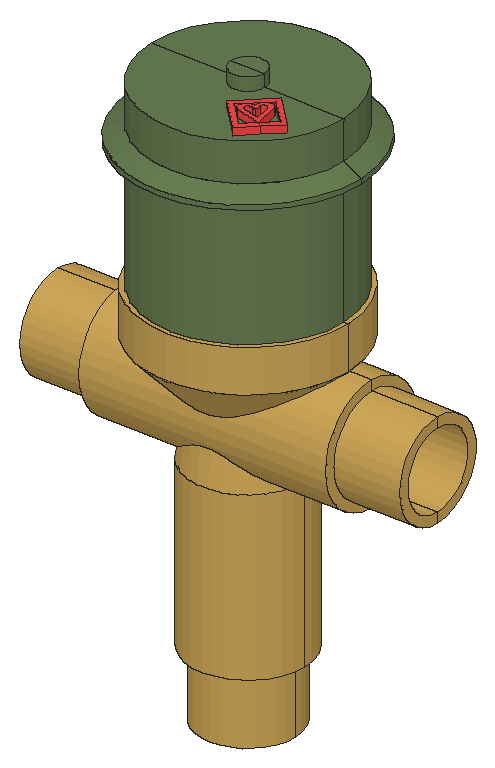
Revit family "Смесительный клапан системы водоснабжения 7766 54", category Rohrzubehör, Revit 2019
Family settings
  Bemaßung runder Anschluss = Durchmesser verwenden
  Teiletyp = Unterbricht
  OmniClass-Nummer = 23.65.55.14
  OmniClass-Titel = Valves for Liquid Services
  Arbeitsebenenbasiert = Nein
  Immer vertikal = Ja
  Beim Laden mit Abzugskörper schneiden = Nein
  Gemeinsam genutzt = Nein
Parameters
  Шпиндель = "латунь, устойчивая к селективной цинковой коррозии, CW626N"  # constant formula
  Уплотнение = "EPDM"  # constant formula
  Среда = "Питьевая вода"  # constant formula
  Пружина = "нержавеющая сталь 1.4310"  # constant formula
  Примечание = "В соответствии со статьей 33 Регламента REACH (Registration; Evaluation; Authorisation; Restriction of Chemicals) (EC № 1907/2006) мы обязаны указать, что свинец внесен в список SVHC (Substances of Very High Concern - вещества очень высокой важности) и весовой процент свинца во всех латунных компонентах заводского изготовления в наших изделиях, превышает 0,1 % (w/w) (CAS: 7439-92-1 / EINECS: 231-100-4).\r\nПоскольку свинец является легирующим компонентом сплава, прямое негативное влияние исключается, и поэтому дополнительной информации о безопасном использовании не требуется."
  Номер заказа = 2776654  # constant formula
  Маховик = "ABS"  # constant formula
  Корпус = "латунь, устойчивая к селективной цинковой коррозии, CC770S"  # constant formula
  Температурная стабильность на выходе = "+-2°C"  # constant formula
  Мин. превышение температуры горячей воды над температурой воды в смесителе = 15 °C  # constant formula
  Мин. расход = 0.07 L/s  # constant formula
  Мин. рабочая температура (холодная вода) = "5 °C - 25 °C"  # constant formula
  Макс. рабочая температура (горячая вода) = 85 °C  # constant formula
  Макс. рабочее давление (динамическое) = "0.2 - 6 bar"  # constant formula
  Указания по техническому обслуживанию = "• Рекомендуется проведение проверки не реже одного раза в год.\r\n   При использовании воды плохого или неизвестного качества проверки следует проводить чаще.\r\n• Проверки температуры воды на выходе должны выполняться точно таким же способом, как и при первичной установке; значение этой температуры не должно отличаться от заданной температуры более, чем на + / - 2 °С.\r\n• Обратные клапаны легко доступны для чистки.\r\n   Рекомендуется использовать плоскогубцы с удлиненными губками для того, чтобы избежать повреждений обратного клапана при его извлечении.\r\n• Помимо снятия маховика и очистки обратного клапана дальнейший демонтаж клапана для технического обслуживания не требуется."
  URL = "www.herz-armaturen.ru"
  Диапазон установки = "35 °C - 50 °C"  # constant formula
  Указания по безопасности = "Cмесительный клапан для систем питьевого водоснабжения выполняет функцию защитaы от ожога.\r\nЕго рекомендуется заменять каждые 5 лет.\r\nМестные стандарты и правила должны соблюдаться."
  SCTWSEQ = "AW;SBT_TYP_AW=\"104\";3"
  SCTWCODE = "04;18;03"  # constant formula
  S02 = H07 - H01 - H05  # 38.4 mm
  S01 = H00 - H01  # 61 mm
  R07 = 3.5 mm  # constant formula
  R06 = 24 mm  # constant formula
  R05 = 20.3 mm  # constant formula
  R04 = 24 mm  # constant formula
  R03 = R02 + 2 mm  # 12 mm
  R02 = Nennweite / 2  # 10 mm
  R01 = 8 mm  # constant formula
  Nennweite = 20 mm  # constant formula
  Температура смешения (заводская настройка) = 45 °C  # constant formula
  LO1 = H07 - H05  # 59.4 mm
  L02 = 21.3 mm  # constant formula
  L01 = 12 mm  # constant formula
  L00 = 40 mm  # constant formula
  Внутренние части = "латунь, устойчивая к селективной цинковой коррозии, CW626N"  # constant formula
  Hersteller = "HERZ Armaturen Ges.m.b.H."  # constant formula
  H08 = 8 mm  # constant formula
  H07 = 62 mm  # constant formula
  H06 = 25.4 mm  # constant formula
  H05 = 2.6 mm  # constant formula
  H04 = 35 mm  # constant formula
  H03 = 14 mm  # constant formula
  H02 = 9 mm  # constant formula
  H01 = 21 mm  # constant formula
  H00 = 82 mm  # constant formula
  Принцип работы = "Термостатический смесительный клапан 7766 TMV применяется в системах с теплой питьевой водой.\r\nНезависимо от изменений давления или температуры холодной и горячей воды, смешиваемой в клапане, смешанная вода постоянно регулируется до заданной температуры и расхода.\r\nТермостатический клапан работает независимо и без дополнительной энергии.\r\nПосле монтажа предварительно настроенное значение желаемой температуры смешивания поддерживается постоянным в пределах гистерезиса регулирования."
  Расход при давлении 3 бар = 0.7 L/s  # constant formula
  Рабочее давление (статическое) = 1000000.0 Pa  # constant formula
  Резьба для подключения = "плоское уплотнение, G 3/4"  # constant formula
Reference planes
  plane 1 "Mitte (Vorne/hinten)": y = 0
  plane 2: z = 0
  plane 3 "Mitte (Links/rechts)": x = 0
Forms (mm)
  Revolve 1, solid, material "Kunststoff GRÜN", detail levels fine
    sketch origin (-2.352, 0, -141.797) x (1, 0, 0) y (0, 0, 1)
      loop
        line (-1.148, 201.197) -> (-17.948, 201.197) -> (-17.948, 193.197) -> (-21.648, 191.197) -> (-21.648, 190.197) -> (-17.948, 188.197) -> (-17.948, 162.797) -> (2.352, 162.797) -> (2.352, 203.797) -> (-1.148, 203.797) -> (-1.148, 201.197)
      axis (2.352, 203.797) -> (2.352, 162.797)
    angle from 0 to 360
  Revolve 2, solid, material "Messing, weicher Gelbton, geschweißt", detail levels fine
    sketch origin (101.455, 0, 0) x (1, 0, 0) y (0, 0, 1)
      loop
        line (-101.455, -49) -> (-101.455, 21) -> (-122.755, 21) -> (-122.755, 12) -> (-111.455, 0) -> (-113.455, -12) -> (-113.455, -47) -> (-111.455, -47) -> (-111.455, -61) -> (-109.455, -61) -> (-109.455, -49) -> (-101.455, -49)
      axis (-101.455, 21) -> (-101.455, -61)
    angle from 0 to 360
  Revolve 3, solid, material "Messing, weicher Gelbton, geschweißt", detail levels fine
    sketch origin (-28, 0, 0) x (1, 0, 0) y (0, 0, 1)
      loop
        line (56, 8) -> (68, 8) -> (68, 10) -> (54, 10) -> (54, 12) -> (2, 12) -> (2, 10) -> (-12, 10) -> (-12, 8) -> (0, 8) -> (0, 0) -> (56, 0) -> (56, 8)
      axis (-12, 0) -> (68, 0)
    angle from 0 to 360
Lines and regions (mm)
  model lines, detail levels coarse+medium
    curve 1: line (-40, 0, 10) -> (-40, 0, -10)
    curve 2: line (-40, 0, -10) -> (40, 0, 10)
    curve 3: line (40, 0, 10) -> (40, 0, -10)
    curve 4: line (40, 0, -10) -> (-40, 0, 10)
    curve 5: line (0, 0, 0) -> (10, 0, -61)
    curve 6: line (10, 0, -61) -> (-10, 0, -61)
    curve 7: line (-10, 0, -61) -> (0, 0, 0)
    curve 8: line (0, 0, 0) -> (0, 0, 21)
    curve 9: line (-20.3, 0, 21) -> (20.3, 0, 21)
    curve 10: line (20.3, 0, 21) -> (20.3, 0, 59.4)
    curve 11: line (20.3, 0, 59.4) -> (-20.3, 0, 59.4)
    curve 12: line (-20.3, 0, 59.4) -> (-20.3, 0, 21)
    curve 13: line (20.3, 0, 59.4) -> (-20.3, 0, 21)
    curve 14: line (-20.3, 0, 59.4) -> (20.3, 0, 21)
    curve 15: line (-40, 10, 0) -> (-40, -10, 0)
    curve 16: line (-40, -10, 0) -> (40, 10, 0)
    curve 17: line (40, 10, 0) -> (40, -10, 0)
    curve 18: line (40, -10, 0) -> (-40, 10, 0)
    curve 19: line (0, 0, 0) -> (-10, -61, 0)
    curve 20: line (-10, -61, 0) -> (10, -61, 0)
    curve 21: line (10, -61, 0) -> (0, 0, 0)
    curve 22: line (0, 0, 0) -> (0, 21, 0)
    curve 23: line (-20.3, 21, 0) -> (20.3, 21, 0)
    curve 24: line (20.3, 21, 0) -> (20.3, 59.4, 0)
    curve 25: line (20.3, 59.4, 0) -> (-20.3, 59.4, 0)
    curve 26: line (-20.3, 59.4, 0) -> (-20.3, 21, 0)
    curve 27: line (20.3, 59.4, 0) -> (-20.3, 21, 0)
    curve 28: line (-20.3, 59.4, 0) -> (20.3, 21, 0)
Dimensions and locks
  "L00": Revolve 3 sketch curve to plane 3 "Mitte (Links/rechts)" to Revolve 3 sketch curve
  "L01": Revolve 3 sketch curve to Revolve 3 sketch curve  (x2)
  "R01": Revolve 3 sketch curve to Revolve 3 sketch curve  (x2)
  "R02": Revolve 3 sketch curve to Revolve 3 sketch curve
  "L02": Revolve 2 sketch curve to Revolve 2 sketch curve
  "H02": Revolve 2 sketch curve to Revolve 2 sketch curve
  "R02": Revolve 2 sketch curve to Revolve 2 sketch curve  (x2)
  "H01": Revolve 2 sketch curve to plane 2
  "H00": Revolve 2 sketch curve to Revolve 2 sketch curve
  "H03": Revolve 2 sketch curve to Revolve 2 sketch curve
  "R03": Revolve 2 sketch curve to Revolve 2 sketch curve
  "H04": Revolve 2 sketch curve to Revolve 2 sketch curve
  "R01": Revolve 2 sketch curve to Revolve 2 sketch curve
  "L01": Revolve 2 sketch curve to Revolve 2 sketch curve
  "H03": Revolve 3 sketch curve to Revolve 3 sketch curve  (x2)
  "R03": Revolve 3 sketch curve to Revolve 3 sketch curve
  "R05": Revolve 1 sketch curve to Revolve 1 sketch curve  (x2)
  "H07": Revolve 1 sketch curve to plane 2
  "H05": Revolve 1 sketch curve to Revolve 1 sketch curve
  "H06": Revolve 1 sketch curve to Revolve 1 sketch curve
  "H08": Revolve 1 sketch curve to Revolve 1 sketch curve
  "R06": Revolve 1 sketch curve to Revolve 1 sketch curve
  "R07": Revolve 1 sketch curve to Revolve 1 sketch curve
  "R02": curve 4 to plane 2 to curve 2
  "R02": curve 3 to plane 2 to curve 4
  "L00": curve 1 to plane 3 "Mitte (Links/rechts)" to curve 3
  "R02": curve 6 to plane 3 "Mitte (Links/rechts)" to curve 7
  "S01": plane 2 to curve 6
  "H01": curve 8 to plane 2
  "S02": curve 11 to Revolve 1
  "R05": curve 12 to plane 3 "Mitte (Links/rechts)" to curve 10
  "L00": curve 15 to plane 3 "Mitte (Links/rechts)" to curve 17
  "R02": curve 16 to plane 1 "Mitte (Vorne/hinten)" to curve 18
  "R02": curve 18 to plane 1 "Mitte (Vorne/hinten)" to curve 17
  "R02": curve 20 to plane 3 "Mitte (Links/rechts)" to curve 21
  "S01": curve 20 to plane 1 "Mitte (Vorne/hinten)"
  "H01": plane 1 "Mitte (Vorne/hinten)" to curve 22
  "S02": curve 23 to curve 25
  "R05": curve 26 to plane 3 "Mitte (Links/rechts)" to curve 24
  "LO1": nested 1 to plane 2
  aligned and locked: level to plane 2
Automatic sketch dimensions
  curve 5 to level = 0 mm
  curve 8 to level = 0 mm
  plane 1 "Mitte (Vorne/hinten)" to curve 19 = 0 mm
  plane 1 "Mitte (Vorne/hinten)" to curve 22 = 0 mm
  Revolve 1 sketch curve to plane 3 "Mitte (Links/rechts)" = 0 mm  (x2)
  Revolve 1 sketch curve to Revolve 1 sketch curve = 2 mm  (x2)
  Revolve 1 sketch curve to Revolve 1 sketch curve = 1 mm
  Revolve 1 sketch curve to level = 366.045 mm
  Revolve 1 sketch curve to Revolve 1 sketch curve = 2152.315 mm
  Revolve 2 sketch curve to level = 0 mm
  Revolve 2 sketch curve to plane 3 "Mitte (Links/rechts)" = 0 mm  (x2)
  Revolve 2 sketch curve to Revolve 2 sketch curve = 0 mm
  Revolve 2 sketch curve to Revolve 2 sketch curve = 2193.315 mm
  Revolve 3 sketch curve to level = 0 mm  (x2)
  Revolve 3 sketch curve to Revolve 3 sketch curve = 2 mm
  Revolve 3 sketch curve to Revolve 3 sketch curve = 0 mm  (x2)
Nested families
  nested 1: "Herz-Logo" at (9.58, -9.58, 59.4) x (0.7071, 0.7071, 0) z (0, 0, 1), type "Herz-Logo", detail levels fine
Connectors
  piping at (-40, 0, 0), diameter 20, driven by "Nennweite"
    settings: on Revolve 3, index 1, connector inside diameter 609.6 mm, connector length 0 mm, flow factor 0, pipe flow 0.0 L/s, pressure drop 0.0 Pa, fitting loss kfactor 0, connector angle 0.00°, fixture units 0, engagement length 0 mm, angle of deflection 0.00°, flow configuration 0, flow direction 1, fitting loss method 0, system type 20, joint type 0, gender type 0, connector reference index -1, connector utility 0, adjustable connector no, is connector primary yes, connector description ""
  piping at (40, 0, 0), diameter 20, driven by "Nennweite"
    settings: on Revolve 3, index 2, connector inside diameter 609.6 mm, connector length 0 mm, flow factor 0, pipe flow 0.0 L/s, pressure drop 0.0 Pa, fitting loss kfactor 0, connector angle 0.00°, fixture units 0, engagement length 0 mm, angle of deflection 0.00°, flow configuration 0, flow direction 1, fitting loss method 0, system type 19, joint type 0, gender type 0, connector reference index -1, connector utility 0, adjustable connector no, is connector primary no, connector description ""
  piping at (0, 0, -61), diameter 20, driven by "Nennweite"
    settings: on Revolve 2, index 3, connector inside diameter 609.6 mm, connector length 0 mm, flow factor 0, pipe flow 0.0 L/s, pressure drop 0.0 Pa, fitting loss kfactor 0, connector angle 0.00°, fixture units 0, engagement length 0 mm, angle of deflection 0.00°, flow configuration 0, flow direction 2, fitting loss method 0, system type 29, joint type 0, gender type 0, connector reference index -1, connector utility 0, adjustable connector no, is connector primary no, connector description ""
Definition of nested family "Herz-Logo"
  Reference planes
    plane 1 "Mitte (Vorne/hinten)": y = 0
    plane 2: z = 0
    plane 3 "Mitte (Links/rechts)": x = 0
  Forms (mm)
    Extrusion 1, solid
      sketch origin (0, 0, 0) x (1, 0, 0) y (0, 1, 0)
        loop
          line (-0.018, -4.517) -> (4.482, -4.517) -> (4.482, 4.483) -> (-4.518, 4.483) -> (-4.518, -4.517) -> (-0.018, -4.517)
        loop
          line (-0.05, -3.48) -> (3.482, -3.48) -> (3.482, 3.483) -> (-3.518, 3.483) -> (-3.518, -3.48) -> (-0.05, -3.48)
        loop
          arc (-0.018, 2.383) -> (-1.543, 3.287) -> (-3.067, 2.383) r 1.738
          arc (-3.067, 2.383) -> (-3.191, 1.899) -> (-3.067, 1.415) r 1.009
          line (-3.067, 1.415) -> (-0.018, -3.281) -> (3.032, 1.415)
          arc (3.032, 1.415) -> (3.156, 1.899) -> (3.032, 2.383) r 1.009
          arc (3.032, 2.383) -> (1.507, 3.287) -> (-0.018, 2.383) r 1.738
        loop
          arc (1.885, 1.272) -> (2.005, 1.675) -> (1.885, 2.079) r 0.74
          arc (1.885, 2.079) -> (1.265, 2.416) -> (0.644, 2.079) r 0.74
          line (0.644, 2.079) -> (-0.018, 0.97) -> (-0.679, 2.079)
          arc (-0.679, 2.079) -> (-1.3, 2.416) -> (-1.921, 2.079) r 0.74
          arc (-1.921, 2.079) -> (-2.04, 1.675) -> (-1.921, 1.272) r 0.74
          line (-1.921, 1.272) -> (-0.018, -1.658) -> (1.885, 1.272)
      from 0 to 1.5
  Dimensions and locks
    aligned and locked: level to plane 2
